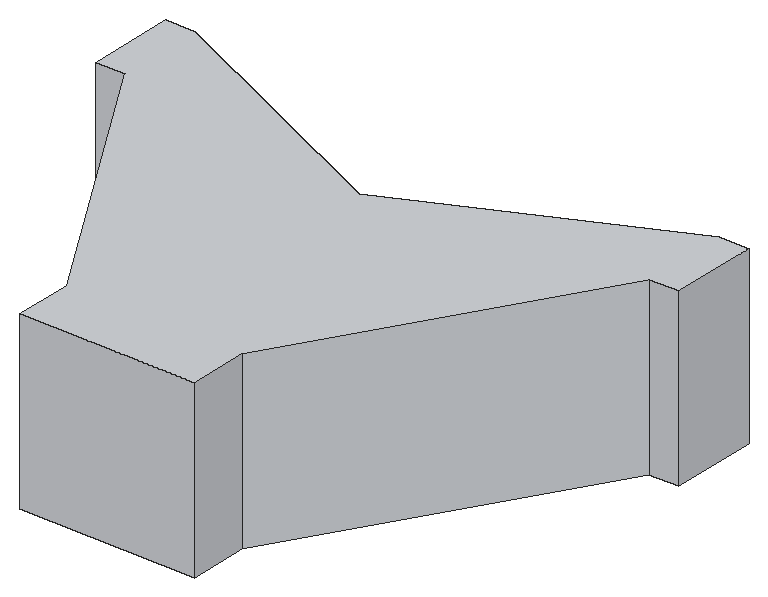
Revit family "M_V retangular - Cônico", category Conexões de duto, Revit 2019
Family settings
  Cota do conector redondo = Utilizar diâmetro
  Tipo de parte = Ipsílon
  Número OmniClass = 23.75.70.14
  Título OmniClass = Air Ductwork
  ID de item do Seek = Rectangular Vee - Tapered-0000-CAN-ENU
  Com base no plano de trabalho = Não
  Sempre na vertical = Sim
  Corte com vazios quando carregada = Não
  Compartilhado = Não
Parameters (values of type "Padrão")
  Comprimento 3 [instance] = abs(Comprimento 1) + (Comprimento do duto 2 + Largura do duto 2 / 2)  # 675 mm
  Comprimento 2 [instance] = abs(Comprimento 1) + (Comprimento do duto 6 + Largura do duto 3 / 2)  # 675 mm
  Comprimento 1 [instance] = ((Comprimento do duto 2 + Largura do duto 2 / 2) - (Comprimento do duto 6 + Largura do duto 3 / 2)) / 2  # 0 mm
  Comprimento [instance] = if(Comprimento 1 > 0 mm, Comprimento 2, Comprimento 3)  # 675 mm
  Largura do duto 3 [instance] = 150 mm
  Largura do duto 2 [instance] = 150 mm
  Largura do duto 1 [instance] = 300 mm
  Comprimento do duto 8 [instance] = Largura do duto 3 / 3  # 50 mm
  Comprimento do duto 7 [instance] = 1.5 * Largura do duto 1  # 450 mm
  Comprimento do duto 6 [instance] = 2 * Largura do duto 1  # 600 mm
  Comprimento do duto 5 [instance] = 1.8 * Largura do duto 1  # 540 mm
  Comprimento do duto 4 [instance] = Largura do duto 2 / 3  # 50 mm
  Comprimento do duto 3 [instance] = 1.5 * Largura do duto 1  # 450 mm
  Comprimento do duto 2 [instance] = 2 * Largura do duto 1  # 600 mm
  Comprimento do duto 1 [instance] = Largura do duto 1 / 3  # 100 mm
  Altura do duto [instance] = 300 mm
Reference planes
  plane 1 "Centro antigo (frente/trás)": x = 0
  plane 2: z = 0
  plane 3 "Centro antigo (esquerda/direita)": y = -675
  plane 4: x = -150
  plane 5: x = 150
  plane 6: y = -575
  plane 7: y = -75
  plane 8: y = 75
  plane 9: x = -450
  plane 10: x = -500
  plane 11: y = -135
  plane 12: y = -75
  plane 13: y = 75
  plane 14: x = 500
  plane 15: x = 450
  plane 16: z = 150
  plane 17: z = -150
  plane 18: y = 0
  plane 19: y = 0
  plane 20 "Centro (Frente/Trás)": y = 0
  plane 21 "Centro (Esquerda/Direita)": x = 0
  plane 22: y = 0
Forms (mm)
  Extrusion 1, solid, detail levels medium+fine
    sketch origin (0, -685.8, 0) x (0, 1, 0) y (-1, 0, 0)
      loop
        line (110.8, 150) -> (10.8, 150) -> (10.8, -150) -> (110.8, -150) -> (610.8, -450) -> (610.8, -500) -> (760.8, -500) -> (760.8, -450) -> (550.8, 0) -> (760.8, 450) -> (760.8, 500) -> (610.8, 500) -> (610.8, 450) -> (110.8, 150)
    from -150 to 150
Lines and regions (mm)
  model lines, detail levels coarse
    curve 1: line (-450, 0, 0) -> (0, -575, 0)
    curve 2: line (0, -575, 0) -> (450, 0, 0)
    curve 3: line (-500, 0, 0) -> (-450, 0, 0)
    curve 4: line (450, 0, 0) -> (500, 0, 0)
    curve 5: line (0, -675, 0) -> (0, -575, 0)
Dimensions and locks
  equal spacing: plane 4, plane 1 "Centro antigo (frente/trás)", plane 5
  "Largura do duto 1": plane 4 to plane 5
  "Comprimento do duto 1": plane 3 "Centro antigo (esquerda/direita)" to plane 6
  "Comprimento do duto 2": plane 3 "Centro antigo (esquerda/direita)" to plane 7
  "Largura do duto 2": plane 7 to plane 8
  "Comprimento do duto 3": plane 1 "Centro antigo (frente/trás)" to plane 9
  "Comprimento do duto 4": plane 10 to plane 9
  "Comprimento do duto 5": plane 3 "Centro antigo (esquerda/direita)" to plane 11
  "Comprimento do duto 6": plane 3 "Centro antigo (esquerda/direita)" to plane 12
  "Largura do duto 3": plane 12 to plane 13
  "Comprimento do duto 8": plane 15 to plane 14
  equal spacing: plane 16, plane 2, plane 17
  "Altura do duto": plane 16 to plane 17
  equal spacing: plane 7, plane 18, plane 8
  equal spacing: plane 12, plane 19, plane 13
  "Comprimento do duto 7": plane 1 "Centro antigo (frente/trás)" to plane 15
  "Comprimento": plane 22 to plane 3 "Centro antigo (esquerda/direita)"
  aligned and locked: plane 7 to Extrusion 1 sketch curve
  aligned and locked: plane 9 to Extrusion 1 sketch curve  (x2)
  aligned and locked: plane 6 to Extrusion 1 sketch curve  (x2)
  aligned and locked: plane 4 to Extrusion 1 sketch curve
  aligned and locked: plane 5 to Extrusion 1 sketch curve
  aligned and locked: plane 15 to Extrusion 1 sketch curve  (x2)
  aligned and locked: plane 1 "Centro antigo (frente/trás)" to Extrusion 1 sketch curve
  aligned and locked: plane 11 to Extrusion 1 sketch curve
  aligned and locked: plane 8 to Extrusion 1 sketch curve
  aligned and locked: plane 3 "Centro antigo (esquerda/direita)" to Extrusion 1 sketch curve  (x2)
  aligned and locked: Extrusion 1 sketch curve to plane 4
  aligned and locked: Extrusion 1 sketch curve to plane 5
  aligned and locked: Extrusion 1 sketch curve to plane 12
  aligned and locked: plane 12 to Extrusion 1 sketch curve
  aligned and locked: plane 13 to Extrusion 1 sketch curve
  aligned and locked: Extrusion 1 sketch curve to plane 14
  aligned and locked: plane 14 to Extrusion 1 sketch curve
  aligned and locked: Extrusion 1 sketch curve to plane 13
  aligned and locked: Extrusion 1 sketch curve to plane 10
  aligned and locked: Extrusion 1 sketch curve to plane 7
  aligned and locked: plane 10 to Extrusion 1 sketch curve
  aligned and locked: Extrusion 1 sketch curve to plane 8
  aligned and locked: Extrusion 1 to plane 17
  aligned and locked: plane 16 to Extrusion 1
  aligned and locked: curve 2 to plane 15
  aligned and locked: curve 2 to plane 1 "Centro antigo (frente/trás)"
  aligned and locked: curve 2 to plane 6
  aligned and locked: curve 1 to plane 18
  aligned and locked: curve 3 to plane 9
  aligned and locked: curve 3 to plane 10
  aligned and locked: curve 3 to plane 18
  aligned and locked: curve 4 to plane 14
  aligned and locked: curve 4 to plane 19
  aligned and locked: curve 5 to plane 3 "Centro antigo (esquerda/direita)"
  aligned and locked: curve 5 to plane 1 "Centro antigo (frente/trás)"
  aligned and locked: plane 1 "Centro antigo (frente/trás)" to plane 21 "Centro (Esquerda/Direita)"
  aligned and locked: plane 22 to plane 20 "Centro (Frente/Trás)"
Connectors
  hvac at (-500, 0, 0), driven by "Altura do duto", driven by "Largura do duto 2"
    settings: on Extrusion 1, index 1, duct flow 0.0 L/s, flow factor 0, pres drop 0.0 Pa, loss coef 0, conn angle 0.00°, conn width 150 mm, conn height 300 mm, conn diameter 609.6 mm, duct sys type 28, conn prof type 1, flow config 0, flow direction 0, loss method 0, conn ref index -1, conn util no, is conn primary yes, conn desc ""
  hvac at (500, 0, 0), driven by "Altura do duto", driven by "Largura do duto 3"
    settings: on Extrusion 1, index 2, duct flow 0.0 L/s, flow factor 0, pres drop 0.0 Pa, loss coef 0, conn angle 0.00°, conn width 150 mm, conn height 300 mm, conn diameter 609.6 mm, duct sys type 28, conn prof type 1, flow config 0, flow direction 0, loss method 0, conn ref index -1, conn util no, is conn primary no, conn desc ""
  hvac at (0, -675, 0), driven by "Altura do duto", driven by "Largura do duto 1"
    settings: on Extrusion 1, index 3, duct flow 0.0 L/s, flow factor 0, pres drop 0.0 Pa, loss coef 0, conn angle 0.00°, conn width 300 mm, conn height 300 mm, conn diameter 609.6 mm, duct sys type 28, conn prof type 1, flow config 0, flow direction 0, loss method 0, conn ref index -1, conn util no, is conn primary no, conn desc ""
